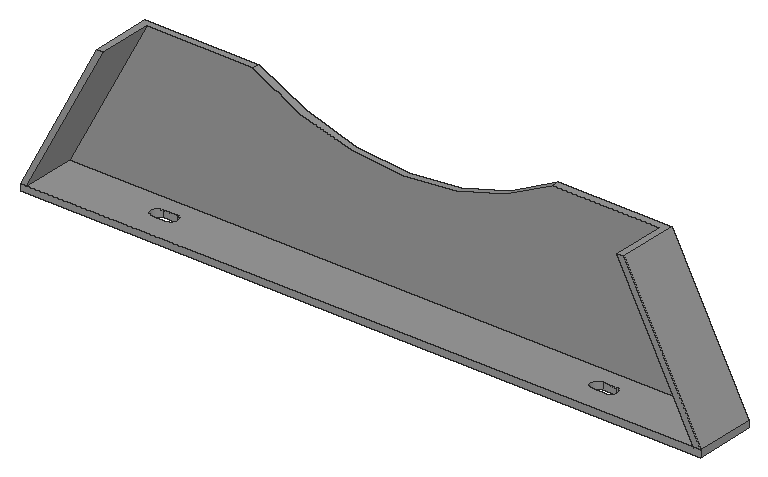
Revit family "О-ВО", category Арматура воздуховодов, Revit 2021
Family settings
  Размер круглого соединителя = Использовать диаметр
  Тип детали = Присоединяется
  На основе рабочей плоскости = Нет
  Всегда вертикально = Да
  При загрузке вырезать с полостями = Нет
  Общий = Нет
Parameters (values of type "О-ВО-400")
  Ширина = M  # 45 mm
  Отметка по умолчанию = 0 mm
  Класифікація навантаження = "HVAC"
  Изготовитель = "Вентс"  # constant formula
  Довжина = A  # 510 mm
  Висота = H  # 115 mm
  Вага = 1.15 kg
  n = 4
  d = 8 mm
  a = 160 mm
  URL = "https://vents.ua/ua/series/o-vo"
  R4 = R3 - R2  # 63.889 mm
  R3 = R2 + H / 1.8  # 288.889 mm
  R2 = 225 mm
  R1 = 207 mm
  Матеріал зони обслуговуваня = none
  M1 = M - 5 mm  # 40 mm
  M = 45 mm
  Матеріал корпусу = Метал, пофарбований, синій, матовий RAL 5007
  H = 115 mm
  B1 = B - 10 mm  # 385 mm
  B = 395 mm
  A1 = A - 10 mm  # 500 mm
  A = 510 mm
  09_Назва системи [instance] = ""
  00_20_Тип = "О-ВО-400"
  00_20_Назва = "Опора"  # constant formula
  00_20_Виробник = "Вентс"  # constant formula
Types (12, lengths in mm): name | Ширина | Довжина | Висота | Вага | a | R4 | R3 | R2 | R1 | M1 | M | H | B1 | B | A1 | A | 00_20_Тип
  (no name) | 45 | 510 | 115 | 1.15 kg | 160 | 63.889 | 288.889 | 225 | 207 | 40 | 45 | 115 | 385 | 395 | 500 | 510 | "О-ВО-400"
  О-ВО-400 | 45 | 510 | 115 | 1.15 kg | 160 | 63.889 | 288.889 | 225 | 207 | 40 | 45 | 115 | 385 | 395 | 500 | 510 | "О-ВО-400"
  О-ВО-450 | 45 | 560 | 125 | 1.30 kg | 180 | 69.444 | 319.444 | 250 | 232 | 40 | 45 | 125 | 425 | 435 | 550 | 560 | "О-ВО-450"
  О-ВО-500 | 45 | 610 | 130 | 1.40 kg | 200 | 72.222 | 352.222 | 280 | 257 | 40 | 45 | 130 | 470 | 480 | 600 | 610 | "О-ВО-500"
  О-ВО-560 | 45 | 670 | 140 | 1.60 kg | 230 | 77.778 | 387.778 | 310 | 287 | 40 | 45 | 140 | 515 | 525 | 660 | 670 | "О-ВО-560"
  О-ВО-630 | 45 | 740 | 150 | 1.80 kg | 255 | 83.333 | 428.333 | 345 | 322 | 40 | 45 | 150 | 565 | 575 | 730 | 740 | "О-ВО-630"
  О-ВО-710 | 45 | 820 | 160 | 2.00 kg | 280 | 88.889 | 473.889 | 385 | 362 | 40 | 45 | 160 | 620 | 630 | 810 | 820 | "О-ВО-710"
  О-ВО-800 | 45 | 910 | 180 | 2.35 kg | 315 | 100 | 530 | 430 | 407 | 40 | 45 | 180 | 695 | 705 | 900 | 910 | "О-ВО-800"
  О-ВО-900 | 52 | 1020 | 215 | 6.30 kg | 360 | 119.444 | 604.444 | 485 | 457 | 47 | 52 | 215 | 785 | 795 | 1010 | 1020 | "О-ВО-900"
  О-ВО-1000 | 52 | 1120 | 235 | 7.20 kg | 400 | 130.556 | 665.556 | 535 | 507 | 47 | 52 | 235 | 865 | 875 | 1110 | 1120 | "О-ВО-1000"
  О-ВО-1120 | 52 | 1240 | 270 | 9.10 kg | 460 | 150 | 745 | 595 | 567 | 47 | 52 | 270 | 992 | 1002 | 1230 | 1240 | "О-ВО-1120"
  О-ВО-1250 | 52 | 1370 | 285 | 10.25 kg | 510 | 158.333 | 818.333 | 660 | 632 | 47 | 52 | 285 | 1077 | 1087 | 1360 | 1370 | "О-ВО-1250"
Reference planes
  plane 1 "По центру (Вперед/Назад)": y = 0
  plane 2: z = 0
  plane 3 "По центру (Влево/Вправо)": x = 0
Forms (mm)
  Extrusion 1, solid, material "Метал, пофарбований, синій, матовий RAL 5007" <- "Матеріал корпусу"
    sketch origin (0, 0, 0) x (1, 0, 0) y (0, 1, 0)
      loop
        line (-255, 45) -> (-255, 0) -> (255, 0) -> (255, 45) -> (-255, 45)
    from 0 to 5
  Extrusion 2, solid, material "Метал, пофарбований, синій, матовий RAL 5007" <- "Матеріал корпусу"
    sketch origin (0, 0, 0) x (1, 0, 0) y (0, 0, 1)
      loop
        line (-255, 5) -> (255, 5) -> (197.5, 115) -> (112.302, 115)
        arc (112.302, 115) -> (0, 81.889) -> (-112.302, 115) r 207
        line (-112.302, 115) -> (-197.5, 115) -> (-255, 5)
    from 0 to -45
  Extrusion 3, void
    sketch origin (0, 0, 0) x (1, 0, 0) y (0, 0, 1)
      loop
        line (-250, 5) -> (250, 5) -> (192.5, 115) -> (112.302, 115)
        arc (112.302, 115) -> (0, 81.889) -> (-112.302, 115) r 207
        line (-112.302, 115) -> (-192.5, 115) -> (-250, 5)
    from 0 to -40
  Extrusion 4, void
    sketch origin (0, 0, 0) x (1, 0, 0) y (0, 1, 0)
      loop
        arc (-169.99, 27.5) -> (-174.99, 22.5) -> (-169.99, 17.5) r 5
        line (-169.99, 17.5) -> (-160, 17.5)
        arc (-160, 17.5) -> (-155, 22.5) -> (-160, 27.5) r 5
        line (-160, 27.5) -> (-169.99, 27.5)
      loop
        line (169.99, 27.5) -> (160, 27.5)
        arc (160, 27.5) -> (155, 22.5) -> (160, 17.5) r 5
        line (160, 17.5) -> (169.99, 17.5)
        arc (169.99, 17.5) -> (174.99, 22.5) -> (169.99, 27.5) r 5
    from 5 to 0
Cuts and joins
  Extrusion 3 cuts Extrusion 2
  Extrusion 4 cuts Extrusion 1
Dimensions and locks
  equal spacing: Extrusion 1 sketch curve, plane 3 "По центру (Влево/Вправо)", Extrusion 1 sketch curve
  "A": Extrusion 1 sketch curve to Extrusion 1 sketch curve
  "M": Extrusion 1 sketch curve to Extrusion 1 sketch curve
  equal spacing: Extrusion 2 sketch curve, plane 3 "По центру (Влево/Вправо)", Extrusion 2 sketch curve  (x2)
  "B": Extrusion 2 sketch curve to Extrusion 2 sketch curve
  "A": Extrusion 2 sketch curve to Extrusion 2 sketch curve
  "R3": Extrusion 2 sketch curve to level
  "H": Extrusion 2 sketch curve to level  (x2)
  "M": plane 1 "По центру (Вперед/Назад)" to Extrusion 2
  "B1": Extrusion 3 sketch curve to Extrusion 3 sketch curve
  "A1": Extrusion 3 sketch curve to Extrusion 3 sketch curve
  equal spacing: Extrusion 3 sketch curve, plane 3 "По центру (Влево/Вправо)", Extrusion 3 sketch curve  (x2)
  "R3": Extrusion 3 sketch curve to level
  "H": Extrusion 3 sketch curve to level  (x2)
  "M1": plane 1 "По центру (Вперед/Назад)" to Extrusion 3
  equal spacing: Extrusion 1, Extrusion 4 sketch curve, cut or joined group of Extrusion 2, Extrusion 3
  "a": Extrusion 4 sketch curve to plane 3 "По центру (Влево/Вправо)"
  locked: Extrusion 4 sketch curve to Extrusion 4 sketch curve at 9.99  (x2)
  "a": plane 3 "По центру (Влево/Вправо)" to Extrusion 4 sketch curve
  equal spacing: plane 1 "По центру (Вперед/Назад)", Extrusion 4 sketch curve, cut or joined group of Extrusion 2, Extrusion 3
  "R1": radius of Extrusion 2 sketch curve
  "R1": radius of Extrusion 3 sketch curve
  aligned and locked: level to plane 2
  aligned and locked: plane 1 "По центру (Вперед/Назад)" to Extrusion 1
  aligned and locked: plane 1 "По центру (Вперед/Назад)" to Extrusion 2
  aligned and locked: plane 1 "По центру (Вперед/Назад)" to Extrusion 3
  aligned and locked: Extrusion 4 to level
  aligned and locked: Extrusion 1 to Extrusion 4
Automatic sketch dimensions
  plane 1 "По центру (Вперед/Назад)" to Extrusion 1 sketch curve = 0 mm
  Extrusion 2 sketch curve to plane 3 "По центру (Влево/Вправо)" = 0 mm
  level to Extrusion 2 sketch curve = 5 mm
  Extrusion 3 sketch curve to plane 3 "По центру (Влево/Вправо)" = 0 mm
  level to Extrusion 3 sketch curve = 5 mm
  Extrusion 4 sketch curve to Extrusion 4 sketch curve = 5 mm  (x2)
